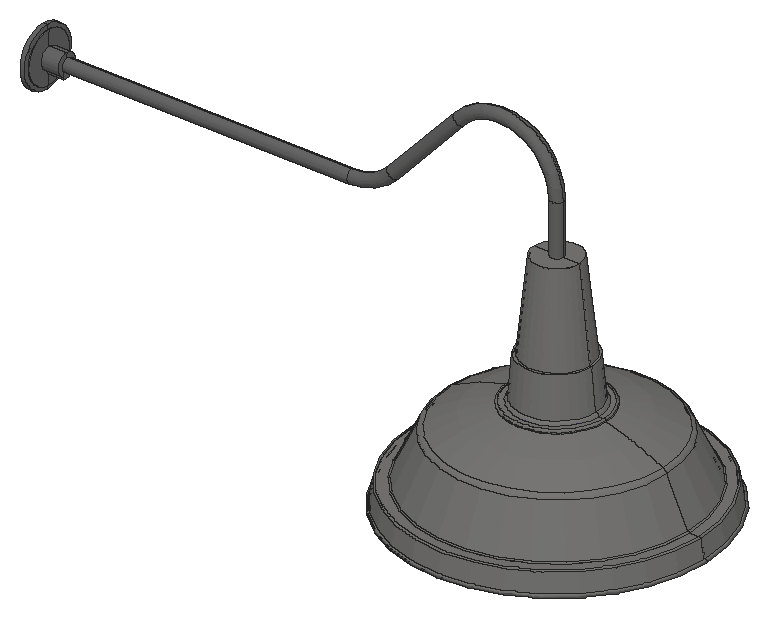
Revit family "OSNC MB 24,36,40", category Lighting Fixtures, Revit 2020 (continued)
Definition of nested family "OSNC36_1"
  Definition of nested family "OSNC36"
    Automatic sketch dimensions
      Revolve 2 sketch curve to Revolve 2 sketch curve = 0' - 1 1/2"
      Revolve 2 sketch curve to Revolve 2 sketch curve = 0' - 2.42053"
  Definition of nested family "MB BULB.2"
    Parameters (values of type "MB BULB.2")
      OSNC36 [instance] = yes
      Default Elevation = 0' - 0"
      Bulb [instance] = none
    Reference planes (in)
      plane 1 "Center (Front/Back)": y = 0
      plane 2: z = 0
      plane 3 "Center (Left/Right)": x = 0
      plane 4: x = -11
      plane 5: z = 8
      plane 6: x = 11
    Forms (in)
      Revolve 1, solid, material <- "Bulb", visible <- "OSNC36"
        sketch origin (0, 0, 0) x (1, 0, 0) y (0, 0, 1)
          loop
            line (0, 6.26711) -> (0.52888, 6.26711) -> (0.64833, 6.38656) -> (0.64833, 7.72288) -> (11.85338, 7.72288) -> (11.85338, 7.82099) -> (0.60338, 7.82099) -> (0, 7.82099) -> (0, 6.26711)
          axis (0, 7.82099) -> (0, 6.26711)
        angle from 0 to 360
      Extrusion 2, solid, material <- "Bulb", visible <- "OSNC36"
        sketch origin (0, 0, 0) x (1, 0, 0) y (0, 1, 0)
          loop
            line (-0.25215, 0.13417) -> (-0.25215, -0.15988) -> (0.30767, -0.15988) -> (0.30767, 0.13417) -> (-0.25215, 0.13417)
        from 7.82099 to 8.15561
      Extrusion 3, solid, material <- "Bulb", visible <- "OSNC36"
        sketch origin (0, 0, 0) x (1, 0, 0) y (0, 0, 1)
          loop
            line (0.30767, 8.15561) -> (0.30767, 7.82099) -> (0.34941, 7.82099) -> (0.34941, 8.08825) -> (0.30767, 8.15561)
        from -0.13417 to 0.15988
      Revolve 4, solid, material <- "Bulb", visible <- "OSNC36"
        sketch origin (0, 0, 0.0572) x (1, 0, 0) y (0, 0, 1)
          loop
            line (0.34941, 7.89742) -> (0.44052, 7.89742) -> (0.44052, 7.93962) -> (0.4223, 7.96563) -> (0.38263, 7.96563) -> (0.38263, 7.93181) -> (0.34941, 7.93181) -> (0.34941, 7.89742)
          axis (0.34941, 7.89742) -> (0.44052, 7.89742)
        angle from 0 to 360
    Dimensions and locks (in)
      plane 5 to plane 2 = 0' - 8"
      plane 3 "Center (Left/Right)" to plane 4 = 0' - 11"
      plane 6 to plane 4 = 1' - 10"
      plane 3 "Center (Left/Right)" to Extrusion 2 = 0' - 0.25215"
      aligned and locked: plane 2 to level
      aligned and locked: Extrusion 2 to Revolve 1
      aligned and locked: Extrusion 2 to Extrusion 3
Definition of nested family "OSNC40_1"
  Parameters (values of type "OSNC40_1")
    OSNC40 [instance] = yes
    Light Elevation [instance] = 5' - 0"
    INSIDE BODY [instance] = none
    Default Elevation = 0' - 0"
    Bulb [instance] = none
    Body [instance] = none
  Reference planes (in)
    plane 1 "Center (Front/Back)": y = 0
    plane 2: z = 0
    plane 3 "Center (Left/Right)": x = 0
    plane 4: z = 60
  Dimensions and locks (in)
    "Light Elevation": plane 4 to plane 2
    locked: plane 4 to nested 2 at 22.11059
    aligned and locked: plane 2 to level
    aligned and locked: plane 3 "Center (Left/Right)" to nested 1
    aligned and locked: plane 1 "Center (Front/Back)" to nested 1
    aligned and locked: plane 4 to nested 1
  Nested families (in)
    nested 1: "OSNC40" at (0, 0, 30), body <- "Body", visible <- "OSNC40", OSNC40 <- "OSNC40", INSIDE BODY <- "INSIDE BODY", type "OSNC40"
      with body none, OSNC40 yes
    nested 2: "MB BULB" at (0, 0, 29.7338), Bulb <- "Bulb", visible <- "OSNC40", OSNC40 <- "OSNC40", type "MB BULB"
      with OSNC40 yes, Bulb none
  Definition of nested family "OSNC40"
    Parameters (values of type "OSNC40")
      body [instance] = none
      OSNC40 [instance] = yes
      INSIDE BODY [instance] = none
      Default Elevation = 0' - 0"
    Reference planes (in)
      plane 1 "Center (Front/Back)": y = 0
      plane 2: z = 0
      plane 3 "Center (Left/Right)": x = 0
      plane 4: z = 30
      plane 5: x = 20
      plane 6: x = -20
    Forms (in)
      Revolve 1, solid, material <- "body", visible <- "OSNC40"
        sketch origin (0, 0, 0) x (1, 0, 0) y (0, 0, 1)
          loop
            line (-0.13, 29.91336) -> (-0.13, 30) -> (-3.0666, 30)
            arc (-3.0666, 30) -> (-3.10491, 29.98533) -> (-3.12362, 29.94883) r 0.05735
            line (-3.12362, 29.94883) -> (-4.39168, 18.26059)
            arc (-4.39168, 18.26059) -> (-4.43053, 18.18489) -> (-4.50999, 18.15447) r 0.11901
            line (-4.50999, 18.15447) -> (-4.64153, 18.15447)
            arc (-4.64153, 18.15447) -> (-4.72569, 18.11962) -> (-4.76054, 18.03546) r 0.11901
            line (-4.76054, 18.03546) -> (-4.76054, 17.9149) -> (-5.2365, 12.91768)
            arc (-5.2365, 12.91768) -> (-5.46454, 12.75093) -> (-5.59382, 12.49974) r 0.61421
            line (-5.59382, 12.49974) -> (-6.30846, 12.49974)
            arc (-6.30846, 12.49974) -> (-6.4762, 12.43026) -> (-6.54568, 12.26252) r 0.23722
            line (-6.54568, 12.26252) -> (-6.54568, 12.15481)
            arc (-6.54568, 12.15481) -> (-10.53012, 10.97898) -> (-14.31191, 9.25956) r 29.74878
            arc (-14.31191, 9.25956) -> (-14.58209, 9.06795) -> (-14.7737, 8.79776) r 0.98746
            line (-14.7737, 8.79776) -> (-17.56002, 3.00552)
            arc (-17.56002, 3.00552) -> (-17.64715, 2.89534) -> (-17.78131, 2.85375) r 0.23722
            line (-17.78131, 2.85375) -> (-19.06429, 2.85375)
            arc (-19.06429, 2.85375) -> (-19.19727, 2.81298) -> (-19.28453, 2.70468) r 0.23722
            line (-19.28453, 2.70468) -> (-19.75174, 0.11995)
            arc (-19.75174, 0.11995) -> (-19.90515, 0.12721) -> (-19.82627, 0.25899) r 0.0895
            line (-19.82627, 0.25899) -> (-19.82627, 0.33712)
            arc (-19.82627, 0.33712) -> (-19.96939, 0.08225) -> (-19.67727, 0.09271) r 0.16762
            line (-19.67727, 0.09271) -> (-19.2092, 2.68221)
            arc (-19.2092, 2.68221) -> (-19.1505, 2.75025) -> (-19.06429, 2.77563) r 0.15909
            line (-19.06429, 2.77563) -> (-17.78131, 2.77563)
            arc (-17.78131, 2.77563) -> (-17.60434, 2.82997) -> (-17.48836, 2.97426) r 0.31534
            line (-17.48836, 2.97426) -> (-14.7033, 8.7639)
            arc (-14.7033, 8.7639) -> (-14.52619, 9.01336) -> (-14.27638, 9.18996) r 0.90934
            arc (-14.27638, 9.18996) -> (-10.47432, 10.91639) -> (-6.46755, 12.09197) r 29.67065
            line (-6.46755, 12.09197) -> (-6.46755, 12.26252)
            arc (-6.46755, 12.26252) -> (-6.42095, 12.37501) -> (-6.30846, 12.42161) r 0.15909
            line (-6.30846, 12.42161) -> (-5.52921, 12.42161)
            arc (-5.52921, 12.42161) -> (-5.40991, 12.69452) -> (-5.16336, 12.86164) r 0.53609
            line (-5.16336, 12.86164) -> (-4.68242, 17.91119) -> (-4.68242, 18.03546)
            arc (-4.68242, 18.03546) -> (-4.67044, 18.06437) -> (-4.64153, 18.07635) r 0.04089
            line (-4.64153, 18.07635) -> (-4.50999, 18.07635)
            arc (-4.50999, 18.07635) -> (-4.37837, 18.12673) -> (-4.31402, 18.25212) r 0.19714
            line (-4.31402, 18.25212) -> (-3.05556, 29.85186)
            arc (-3.05556, 29.85186) -> (-3.03307, 29.89573) -> (-2.98703, 29.91336) r 0.06893
            line (-2.98703, 29.91336) -> (-0.13, 29.91336)
          axis (0, 30) -> (0, 0.09271)
        angle from 0 to 360
      Revolve 2, solid, material <- "INSIDE BODY", visible <- "OSNC40"
        sketch origin (3, 0, 0) x (1, 0, 0) y (0, 0, 1)
          loop
            line (-17.47009, 8.90921) -> (-20.54839, 2.51) -> (-21.87679, 2.51)
            arc (-21.87679, 2.51) -> (-22.00977, 2.46923) -> (-22.09703, 2.36093) r 0.23722
            line (-22.09703, 2.36093) -> (-22.57034, 0.24896) -> (-22.48977, 0.24896) -> (-22.0217, 2.33846)
            arc (-22.0217, 2.33846) -> (-21.963, 2.4065) -> (-21.87679, 2.43188) r 0.15909
            line (-21.87679, 2.43188) -> (-20.49927, 2.43188) -> (-17.41036, 8.85316)
            arc (-17.41036, 8.85316) -> (-13.42957, 10.71425) -> (-9.21755, 11.96697) r 29.67065
            line (-9.21755, 11.96697) -> (-8.21755, 11.96697) -> (-8.26491, 12.01433) -> (-9.36545, 12.01433)
            arc (-9.36545, 12.01433) -> (-13.53162, 10.75892) -> (-17.47009, 8.90921) r 29.74878
          axis (-3, 12.01433) -> (-3, 0.24896)
        angle from 0 to 360
    Dimensions and locks (in)
      plane 4 to plane 2 = 2' - 6"
      plane 5 to plane 3 "Center (Left/Right)" = 1' - 8"
      equal spacing: plane 6, plane 3 "Center (Left/Right)", plane 5
      plane 6 to plane 5 = 3' - 4"
      aligned and locked: plane 2 to level
    Automatic sketch dimensions
      Revolve 1 sketch curve to Revolve 1 sketch curve = 0' - 0"  (x18)
      Revolve 1 sketch curve to plane 4 = 0' - 0"
      Revolve 1 sketch curve to plane 3 "Center (Left/Right)" = 0' - 0"
      Revolve 1 sketch curve to plane 3 "Center (Left/Right)" = 0' - 0.13"
      Revolve 1 sketch curve to plane 3 "Center (Left/Right)" = 0' - 0.13842"
      Revolve 1 sketch curve to plane 4 = 0' - 0.15557"
      Revolve 1 sketch curve to Revolve 1 sketch curve = 0' - 2.85703"
      Revolve 1 sketch curve to plane 4 = 0' - 0.14814"
      Revolve 1 sketch curve to Revolve 1 sketch curve = 0' - 0.06853"
      Revolve 1 sketch curve to Revolve 1 sketch curve = 0' - 0.07957"
      Revolve 1 sketch curve to plane 4 = 0' - 0.05117"
      Revolve 1 sketch curve to Revolve 1 sketch curve = 0' - 0.05702"
      Revolve 1 sketch curve to plane 3 "Center (Left/Right)" = 0' - 4.31402"
      Revolve 1 sketch curve to Revolve 1 sketch curve = 0' - 0.07766"
      Revolve 1 sketch curve to Revolve 1 sketch curve = 0' - 0.11831"
      Revolve 1 sketch curve to Revolve 1 sketch curve = 0' - 0.13154"
      Revolve 1 sketch curve to Revolve 1 sketch curve = 0' - 0.04089"
      Revolve 1 sketch curve to Revolve 1 sketch curve = 0' - 0 5/64"  (x2)
      Revolve 1 sketch curve to plane 3 "Center (Left/Right)" = 0' - 4.99769"
      Revolve 1 sketch curve to Revolve 1 sketch curve = 0' - 0.16567"
      Revolve 1 sketch curve to Revolve 1 sketch curve = 0' - 0.07314"
      Revolve 1 sketch curve to Revolve 1 sketch curve = 0' - 0.53152"
      Revolve 1 sketch curve to Revolve 1 sketch curve = 0' - 0.06461"
      Revolve 1 sketch curve to Revolve 1 sketch curve = 0' - 0.71464"
      Revolve 1 sketch curve to Revolve 1 sketch curve = 0' - 0.15909"
      Revolve 1 sketch curve to plane 6 = 0' - 6.11615"
      Revolve 1 sketch curve to Revolve 1 sketch curve = 0' - 0.81945"
      Revolve 1 sketch curve to Revolve 1 sketch curve = 0' - 0.0704"
      Revolve 1 sketch curve to plane 6 = 0' - 2.51164"
      Revolve 1 sketch curve to Revolve 1 sketch curve = 0' - 0.07166"
      Revolve 1 sketch curve to Revolve 1 sketch curve = 0' - 0.22129"
      Revolve 1 sketch curve to plane 6 = 0' - 0.93571"
      Revolve 1 sketch curve to Revolve 1 sketch curve = 0' - 0.14491"
      Revolve 1 sketch curve to Revolve 1 sketch curve = 0' - 0.07533"
      level to Revolve 1 sketch curve = 0' - 0.09271"
      Revolve 1 sketch curve to plane 6 = 0' - 0.32273"
      level to Revolve 1 sketch curve = 0' - 0.11995"
      Revolve 1 sketch curve to Revolve 1 sketch curve = 0' - 0.07447"
      Revolve 1 sketch curve to Revolve 1 sketch curve = 0' - 0.07453"
      Revolve 1 sketch curve to level = 1' - 4.89578"
      Revolve 1 sketch curve to Revolve 1 sketch curve = 0' - 0.04954"
      Revolve 1 sketch curve to Revolve 1 sketch curve = 0' - 2.27941"
      Revolve 1 sketch curve to Revolve 1 sketch curve = 0' - 0.06568"
      Revolve 1 sketch curve to Revolve 1 sketch curve = 0' - 0.02247"
      Revolve 1 sketch curve to Revolve 1 sketch curve = 0' - 0.12051"
      Revolve 1 sketch curve to Revolve 1 sketch curve = 0' - 5.39544"
      Revolve 1 sketch curve to Revolve 1 sketch curve = 0' - 0.39419"
      Revolve 1 sketch curve to Revolve 1 sketch curve = 0' - 0.03387"
      Revolve 1 sketch curve to Revolve 1 sketch curve = 0' - 3.72226"
      Revolve 1 sketch curve to Revolve 1 sketch curve = 0' - 0.06284"
      Revolve 1 sketch curve to Revolve 1 sketch curve = 0' - 0.10771"
      Revolve 1 sketch curve to Revolve 1 sketch curve = 0' - 0.06982"
      Revolve 1 sketch curve to Revolve 1 sketch curve = 0' - 4.99351"
      Revolve 1 sketch curve to Revolve 1 sketch curve = 0' - 0.00371"
      Revolve 1 sketch curve to Revolve 1 sketch curve = 0' - 0.12056"
      Revolve 1 sketch curve to Revolve 1 sketch curve = 0' - 0 25/256"
      Revolve 1 sketch curve to level = 0' - 1.42021"
      Revolve 1 sketch curve to Revolve 1 sketch curve = 0' - 1 85/128"
      Revolve 2 sketch curve to Revolve 2 sketch curve = 0' - 0"  (x4)
      Revolve 2 sketch curve to plane 6 = 0' - 0.42966"
      Revolve 2 sketch curve to Revolve 2 sketch curve = 0' - 0.08057"
      Revolve 2 sketch curve to plane 6 = 0' - 0.90297"
      Revolve 2 sketch curve to Revolve 2 sketch curve = 0' - 0.07533"
      Revolve 2 sketch curve to Revolve 2 sketch curve = 0' - 0.14491"
      Revolve 2 sketch curve to Revolve 2 sketch curve = 0' - 1.32841"
      Revolve 2 sketch curve to Revolve 2 sketch curve = 0' - 0.04911"
      Revolve 2 sketch curve to plane 6 = 0' - 5.52991"
      Revolve 2 sketch curve to Revolve 2 sketch curve = 0' - 0.05973"
      Revolve 2 sketch curve to plane 3 "Center (Left/Right)" = 0' - 6.21755"
      Revolve 2 sketch curve to Revolve 2 sketch curve = 0' - 1"
      plane 3 "Center (Left/Right)" to Revolve 2 sketch curve = 0' - 0.11158"
      level to Revolve 2 sketch curve = 0' - 0.24896"
      Revolve 2 sketch curve to Revolve 2 sketch curve = 0' - 2.02382"
      Revolve 2 sketch curve to Revolve 2 sketch curve = 0' - 0.06568"
      Revolve 2 sketch curve to Revolve 2 sketch curve = 0' - 0.02247"
      Revolve 2 sketch curve to Revolve 2 sketch curve = 0' - 6.34315"
      Revolve 2 sketch curve to Revolve 2 sketch curve = 0' - 0.05605"
      Revolve 2 sketch curve to Revolve 2 sketch curve = 0' - 0.1479"
      Revolve 2 sketch curve to Revolve 2 sketch curve = 0' - 0.04736"  (x2)
      plane 3 "Center (Left/Right)" to Revolve 2 sketch curve = 0' - 0"
      Revolve 2 sketch curve to level = 0' - 1.42021"
      Revolve 2 sketch curve to plane 4 = 0' - 1.7507"
  Definition of nested family "MB BULB"
    Parameters (values of type "MB BULB")
      OSNC40 [instance] = yes
      Default Elevation = 0' - 0"
      Bulb [instance] = none
    Reference planes (in)
      plane 1 "Center (Front/Back)": y = 0
      plane 2: z = 0
      plane 3 "Center (Left/Right)": x = 0
      plane 4: x = -11
      plane 5: z = 8
      plane 6: x = 11
    Forms (in)
      Revolve 1, solid, material <- "Bulb", visible <- "OSNC40"
        sketch origin (0, 0, 0) x (1, 0, 0) y (0, 0, 1)
          loop
            line (0, 6.26711) -> (0.52888, 6.26711) -> (0.64833, 6.38656) -> (0.64833, 7.72724) -> (13.79088, 7.72724) -> (13.79088, 7.82099) -> (0.60338, 7.82099) -> (0, 7.82099) -> (0, 6.26711)
          axis (0, 7.82099) -> (0, 6.26711)
        angle from 0 to 360
      Extrusion 2, solid, material <- "Bulb", visible <- "OSNC40"
        sketch origin (0, 0, 0) x (1, 0, 0) y (0, 1, 0)
          loop
            line (-0.25215, 0.13417) -> (-0.25215, -0.15988) -> (0.30767, -0.15988) -> (0.30767, 0.13417) -> (-0.25215, 0.13417)
        from 7.82099 to 8.15561
      Extrusion 3, solid, material <- "Bulb", visible <- "OSNC40"
        sketch origin (0, 0, 0) x (1, 0, 0) y (0, 0, 1)
          loop
            line (0.30767, 8.15561) -> (0.30767, 7.82099) -> (0.34941, 7.82099) -> (0.34941, 8.08825) -> (0.30767, 8.15561)
        from -0.13417 to 0.15988
      Revolve 4, solid, material <- "Bulb", visible <- "OSNC40"
        sketch origin (0, 0, 0.0572) x (1, 0, 0) y (0, 0, 1)
          loop
            line (0.34941, 7.89742) -> (0.44052, 7.89742) -> (0.44052, 7.93962) -> (0.4223, 7.96563) -> (0.38263, 7.96563) -> (0.38263, 7.93181) -> (0.34941, 7.93181) -> (0.34941, 7.89742)
          axis (0.34941, 7.89742) -> (0.44052, 7.89742)
        angle from 0 to 360
    Dimensions and locks (in)
      plane 5 to plane 2 = 0' - 8"
      plane 3 "Center (Left/Right)" to plane 4 = 0' - 11"
      plane 6 to plane 4 = 1' - 10"
      plane 3 "Center (Left/Right)" to Extrusion 2 = 0' - 0.25215"
      aligned and locked: plane 2 to level
      aligned and locked: Extrusion 2 to Revolve 1
      aligned and locked: Extrusion 2 to Extrusion 3
Types (4): name | b | a | Weight | URL | OSNC40 | OSNC36 | OSNC24 | Model | Fixture Height | Fixture Diameter
  (no name) | 0' - 2" | 1' - 6" | "10.0 lbs" | "https://www.anplighting.com/assets/Uploads/product-attachments/specification-sheets/ANP-Specification-Sheet-RLM-MB-OSNC24.pdf" | no | no | yes | "OSNC24" | 1' - 6" | 2' - 0"
  OSNC24 | 0' - 2" | 1' - 6" | "10.0 lbs" | "https://www.anplighting.com/assets/Uploads/product-attachments/specification-sheets/ANP-Specification-Sheet-RLM-MB-OSNC24.pdf" | no | no | yes | "OSNC24" | 1' - 6" | 2' - 0"
  OSNC36 | 0' - 5" | 2' - 3" | "22.5 lbs" | "https://www.anplighting.com/assets/Uploads/product-attachments/specification-sheets/ANP-Specification-Sheet-RLM-MB-OSNC36.pdf" | no | yes | no | "OSNC36" | 2' - 3" | 3' - 0"
  OSNC40 | 0' - 5" | 2' - 6" | "24.0 lbs" | "https://www.anplighting.com/assets/Uploads/product-attachments/specification-sheets/ANP-Specification-Sheet-RLM-MB-OSNC40.pdf" | yes | no | no | "OSNC40" | 2' - 6" | 3' - 4"
